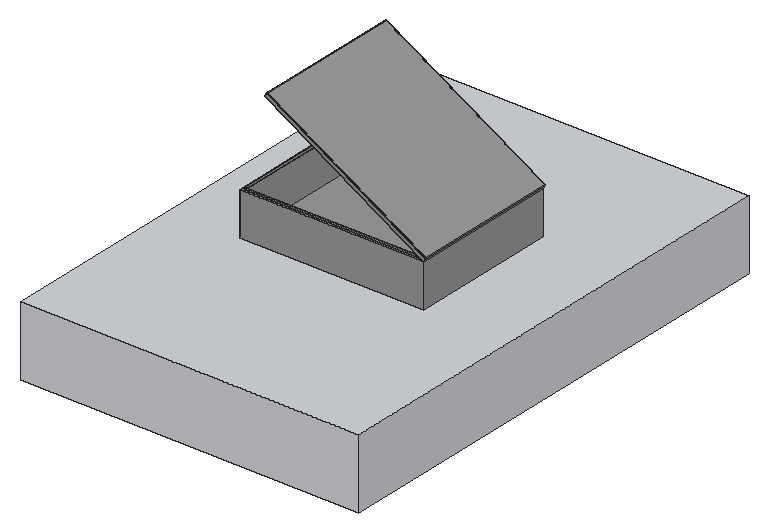
Revit family "Hager-Univers-IP44-D205-H650-Cl.II-Encl-CH-fr", category Equipement électrique, Revit 2020
Family settings
  Hôte = Face
  Configuration du panneau = Deux colonnes, circuits au sein
  Cote de connecteur circulaire = Utiliser le diamètre
  Type d'élément = Tableau de raccordement
  Couper avec des vides une fois chargée = Non
  Partagée = Non
  Point de calcul de pièce = Non
Parameters (values of type "saillie IP44 L800 H650 P205  - FP43QS")
  Width Control [instance] = if([EF000008 - largeur] > Min Width, [EF000008 - largeur], Min Width)  # 800 mm
  Commentaires du type = [HG000003 - Gamme]  # "Univers"
  Thickness Door [instance] = if([EF009171 - épaisseur de matériau de la porte/du couvercle] > 3 mm, 3 mm, [EF009171 - épaisseur de matériau de la porte/du couvercle])  # 1 mm
  Seal Frame Offset [instance] = 17 mm  # constant formula
  Plinth Visibility [instance] = [HG000027 - Hauteur du socle] > 0 mm  # no
  Model = ""
  Min Width [instance] = 100 mm  # constant formula
  Min Height [instance] = 100 mm  # constant formula
  Min Depth [instance] = (2 * [EF009170 - épaisseur de matériau du boîtier]) + 1 mm  # 3 mm
  Internal Frame Depth [instance] = (Door System Depth * 0.5)  # 9 mm
  Height Control [instance] = if([EF000040 - hauteur] > Min Height, [EF000040 - hauteur], Min Height)  # 650 mm
  HG000027 - Hauteur du socle = 0 mm
  HG000026 - Installation au sol = no
  HG000024 - Hauteur de la section basse = 800 mm
  HG000023 - Armoire double section = no
  HG000016 - Visibilité de la porte 3D [instance] = yes
  HG000015 - Visibilité de l'emprise de la porte [instance] = no
  HG000014 - Porte à droite [instance] = yes
  HG000013 - Porte à gauche [instance] = not([HG000014 - Porte à droite])  # no
  HG000012 - Angle de pivotement de la porte [instance] = 30.00°
  HG000010 - Portes asymétriques = no
  HG000009 - Porte à double battant = no
  HG000006 - Encastré = no
  HG000004 - Référence fabricant = "FP43QS"
  HG000003 - Gamme = "Univers"
  HG000002 - avec porte = yes
  Frame Offset Bottom [instance] = 10 mm  # constant formula
  Frame Offset [instance] = 15 mm  # constant formula
  EF015940 - couvercle avec décharge de pression = no
  EF011959 - degré de protection (NEMA) = ""
  EF009554 - nombre d'ouvertures pour plaques à bride = 6
  Fabricant = "Hager"  # constant formula
  EF009212 - finition du couvercle = "EV000116 - fermé"
  EF009171 - épaisseur de matériau de la porte/du couvercle = 1 mm
  EF009170 - épaisseur de matériau du boîtier = 1 mm
  EF008873 - courant nominal (In) = 250 A
  EF007800 - adapté à un parafoudre = no
  EF006306 - avec serrure = no
  EF006244 - couvercle/porte transparent(e) = no
  EF005474 - indice de protection (IP) = "EV006418 - IP44"
  EF004464 - type de porte = "EV002646 - unique"
  EF004427 - nombre de modules = 144
  EF004293 - indice de protection contre les chocs (IK) = "EV006815 - IK09"
  EF003532 - convient pour utilisation à l’extérieur = no
  EF002950 - largeur en nombre de modules = 36
  EF001613 - maintien de fonction = "EV000494 - sans"
  EF001596 - matériau du boîtier/corps = "EV000179 - acier"
  EF001131 - profondeur intérieure = 143 mm
  EF001088 - possibilité de montage en saillie = yes
  EF000437 - nombre d'entrées de conduit = 6
  EF000339 - type de capot = "EV001012 - couvercle"
  EF000266 - nombre de rangées = 4
  EF000218 - profondeur d'encastrement = 0 mm
  EF000118 - avec cadre/support de montage = no
  EF000116 - numéro RAL = "9010"
  EF000049 - profondeur = 205 mm
  EF000040 - hauteur = 650 mm
  EF000008 - largeur = 800 mm
  EF000007 - couleur = "EV000202 - blanc"
  EF000003 - mode de pose = "EV000384 - saillie"
  Door System Leaf Tolerance [instance] = 1.5 mm  # constant formula
  Door System Depth [instance] = 18 mm  # constant formula
  Door Height [instance] = Height Control - [HG000027 - Hauteur du socle]  # 650 mm
  Depth Control [instance] = if([EF000049 - profondeur] > Min Depth, [EF000049 - profondeur], Min Depth)  # 205 mm
  Default Elevation = 0 mm
  Connector Offset [instance] = Height Control / 2  # 325 mm
  Bottom Top Plate Trim [instance] = 1.5 mm  # constant formula
  Plinth height Ctrl [instance] = if([HG000027 - Hauteur du socle] > 0 mm, [HG000027 - Hauteur du socle], 12 mm)  # 12 mm
Types (5, lengths in mm): name | Width Control | HG000009 - Porte à double battant | HG000004 - Référence fabricant | EF009554 - nombre d'ouvertures pour plaques à bride | EF004464 - type de porte | EF004427 - nombre de modules | EF002950 - largeur en nombre de modules | EF000437 - nombre d'entrées de conduit | EF000008 - largeur
  saillie IP44 L1050 H650 P205  - FP44QS | 1050 | yes | "FP44QS" | 8 | "EV003602 - double" | 192 | 48 | 8 | 1050
  saillie IP44 L1300 H650 P205  - FP45QS | 1300 | yes | "FP45QS" | 10 | "EV003602 - double" | 240 | 60 | 10 | 1300
  saillie IP44 L300 H650 P205  - FP41QS | 300 | no | "FP41QS" | 2 | "EV002646 - unique" | 48 | 12 | 2 | 300
  saillie IP44 L550 H650 P205  - FP42QS | 550 | no | "FP42QS" | 4 | "EV002646 - unique" | 96 | 24 | 4 | 550
  saillie IP44 L800 H650 P205  - FP43QS | 800 | no | "FP43QS" | 6 | "EV002646 - unique" | 144 | 36 | 6 | 800
Reference planes
  plane 1 "Center (Front/Back)": y = 0
  plane 2: z = 0
  plane 3 "Center (Left/Right)": x = 0
  plane 4: z = 205
  plane 5: y = 1
  plane 6: y = 325
  plane 7: y = 0
  plane 8: y = 650
  plane 9: z = 0
  plane 10: x = -385
  plane 11: x = 385
  plane 12: x = 384
  plane 13: x = -384
  plane 14: y = 649
  plane 15: x = -383
  plane 16: x = -400
  plane 17: x = 383
  plane 18: x = 400
  plane 19: x = 399
  plane 20: x = -399
  plane 21: y = 11
  plane 22: y = 650
  plane 23: y = 634
  plane 24: z = 187
  plane 25: z = 1
  plane 26: z = 186
  plane 27: z = 204
Forms (mm)
  Extrusion 1, solid
    sketch origin (0, 0, 0) x (1, 0, 0) y (0, 1, 0)
      loop
        line (-702.964, 1305) -> (-702.964, -811.445) -> (766.763, -811.445) -> (766.763, 1305) -> (-702.964, 1305)
    from 0 to -304.8
  Extrusion 2, solid, material "Hager_Steel_RAL7035_Light_Grey", visible <- "Plinth Visibility", detail levels medium+fine
    sketch origin (0, 0, 0) x (1, 0, 0) y (0, 1, 0)
      loop
        line (-400, 0) -> (400, 0) -> (400, 12) -> (-400, 12) -> (-400, 0)
    from 0 to 187
  Extrusion 3, solid, material "Hager_Steel_RAL7035_Light_Grey", detail levels medium+fine
    sketch origin (0, 0, 0) x (1, 0, 0) y (0, 1, 0)
      loop
        line (-400, 0) -> (400, 0) -> (400, 650) -> (-400, 650) -> (-400, 0)
    from 0 to 187
  Extrusion 4, void
    sketch origin (0, 0, 0) x (1, 0, 0) y (0, 1, 0)
      loop
        line (-399, 1) -> (399, 1) -> (399, 649) -> (-399, 649) -> (-399, 1)
    from 1 to 186
  Extrusion 5, void
    sketch origin (-381.607, -4572, 187) x (0, -1, 0) y (-1, 0, 0)
      loop
        line (-4583, 2.393) -> (-5206, 2.393) -> (-5206, -765.607) -> (-4583, -765.607) -> (-4583, 2.393)
    from 0 to 1 <- "EF009170 - épaisseur de matériau du boîtier"
  Extrusion 6, solid, material "Hager_Steel_RAL7035_Light_Grey", detail levels fine
    sketch origin (0, 0, 187) x (1, 0, 0) y (0, 1, 0)
      loop
        line (-384, 634) -> (-384, 11) -> (384, 11) -> (384, 634) -> (-384, 634)
      loop
        line (-385, 10) -> (385, 10) -> (385, 635) -> (-385, 635) -> (-385, 10)
    from 0 to 9 <- "Internal Frame Depth"
  Extrusion 7, solid, material "Hager_Steel_RAL7035_Light_Grey", detail levels coarse
    sketch origin (0, 0, 0) x (1, 0, 0) y (0, 1, 0)
      loop
        line (-400, 0) -> (400, 0) -> (400, 650) -> (-400, 650) -> (-400, 0)
    from 0 to 205
  Sweep 8, void
    path in 3D
      loop
        line (-400, 12, 0) -> (400, 12, 0) -> (400, 12, 187) -> (-400, 12, 187) -> (-400, 12, 0)
    profile origin (-400, 12, 93.5) x (-1, 0, 0) y (0, -1, 0)
      loop
        line (0, 0) -> (0, 1.5) -> (-1.5, 1.5)
        arc (-1.5, 1.5) -> (-1.061, 0.439) -> (0, 0) r 1.5
Cuts and joins
  Extrusion 4, Extrusion 5 cuts Extrusion 3
  Sweep 8 cuts Extrusion 2
Lines and regions (mm)
  Masking region 1
    outline origin (0, 0, 0) x (1, 0, 0) y (0, 0, 1)
      loop
        line (-400, 205) -> (-400, 0) -> (400, 0) -> (400, 205) -> (-400, 205)
  Masking region 2, detail levels medium+fine
    outline origin (0, 140, 0) x (0, 1, 0) y (0, 0, 1)
      loop
        line (-140, 0) -> (510, 0) -> (510, 187) -> (-140, 187) -> (-140, 0)
  Masking region 3, not visible, detail levels medium+fine
    outline origin (0, 297.922, 0) x (0, 1, 0) y (0, 0, 1)
      loop
        line (38.578, 0) -> (78.578, 0) -> (78.578, 194)
        arc (78.578, 194) -> (75.649, 201.071) -> (68.578, 204) r 10
        line (68.578, 204) -> (38.578, 204) -> (38.578, 0)
  Masking region 4, detail levels coarse
    outline origin (0, 0, 180) x (0, 1, 0) y (0, 0, 1)
      loop
        line (0, -180) -> (650, -180) -> (650, 25) -> (0, 25) -> (0, -180)
  Masking region 5, visible <- "Plinth Visibility", detail levels medium+fine
    outline origin (0, 52.24, 12.345) x (0, 0, -1) y (0, 1, 0)
      loop
        line (10.845, -40.24) -> (-173.155, -40.24)
        arc (-173.155, -40.24) -> (-173.594, -41.301) -> (-174.655, -41.74) r 1.5
        line (-174.655, -41.74) -> (-174.655, -52.24) -> (12.345, -52.24) -> (12.345, -41.74)
        arc (12.345, -41.74) -> (11.285, -41.301) -> (10.845, -40.24) r 1.5
  Masking region 6, detail levels medium+fine
    outline origin (-381.607, -4572, 187) x (-1, 0, 0) y (0, -1, 0)
      loop
        line (18.393, -5222) -> (18.393, -4572) -> (-781.607, -4572) -> (-781.607, -5222) -> (18.393, -5222)
  Masking region 7, visible <- "Plinth Visibility", detail levels medium+fine
    outline origin (-381.607, -4727, 187) x (-1, 0, 0) y (0, -1, 0)
      loop
        arc (16.893, -4739) -> (17.332, -4737.939) -> (18.393, -4737.5) r 1.5
        line (18.393, -4737.5) -> (18.393, -4727) -> (-781.607, -4727) -> (-781.607, -4737.5)
        arc (-781.607, -4737.5) -> (-780.546, -4737.939) -> (-780.107, -4739) r 1.5
        line (-780.107, -4739) -> (16.893, -4739)
  Masking region 8, detail levels coarse
    outline origin (-442.548, -4669.526, 187) x (-1, 0, 0) y (0, -1, 0)
      loop
        line (-42.548, -5319.526) -> (-42.548, -4669.526) -> (-842.548, -4669.526) -> (-842.548, -5319.526) -> (-42.548, -5319.526)
  sketch lines
    curve 1: line (-400, 12, 187) -> (-400, 12, 0)
    curve 2: line (400, 12, 187) -> (-400, 12, 187)
    curve 3: line (400, 12, 187) -> (400, 12, 0)
    curve 4: line (-400, 12, 0) -> (400, 12, 0)
Dimensions and locks
  "Depth Control": plane 4 to Extrusion 1
  "HG000027 - Hauteur du socle": plane 1 "Center (Front/Back)" to plane 7
  "EF009170 - épaisseur de matériau du boîtier": plane 5 to plane 7
  locked: connector elem to plane 3 "Center (Left/Right)"
  equal spacing: plane 8, plane 6, plane 7
  locked: connector elem to plane 6
  "EF009170 - épaisseur de matériau du boîtier": plane 8 to plane 14
  "EF009170 - épaisseur de matériau du boîtier": plane 10 to plane 13
  "EF009170 - épaisseur de matériau du boîtier": plane 12 to plane 11
  "Frame Offset": plane 20 to plane 13
  "Frame Offset": plane 12 to plane 19
  "EF009170 - épaisseur de matériau du boîtier": plane 16 to plane 20
  "EF009170 - épaisseur de matériau du boîtier": plane 19 to plane 18
  "Seal Frame Offset": plane 16 to plane 15
  "Seal Frame Offset": plane 17 to plane 18
  "Frame Offset Bottom": plane 21 to plane 5
  "Frame Offset": plane 14 to plane 23
  equal spacing: plane 16, plane 3 "Center (Left/Right)", plane 18
  "Width Control": plane 16 to plane 18
  "EF009170 - épaisseur de matériau du boîtier": plane 4 to plane 27
  "EF009170 - épaisseur de matériau du boîtier": plane 24 to plane 26
  "EF009170 - épaisseur de matériau du boîtier": plane 25 to level
  "Door System Depth": plane 4 to plane 24
  "Height Control": plane 1 "Center (Front/Back)" to Extrusion 7 sketch curve
  "Height Control": Masking region 4 sketch curve to plane 1 "Center (Front/Back)"
  "Height Control": plane 1 "Center (Front/Back)" to plane 22
  "Bottom Top Plate Trim": profile plane to Sweep 8 sketch curve
  "Bottom Top Plate Trim": Sweep 8 sketch curve to profile plane
  "Plinth height Ctrl": plane 1 "Center (Front/Back)" to Extrusion 2 sketch curve
  "Plinth height Ctrl": Masking region 5 sketch curve to plane 1 "Center (Front/Back)"
  "Plinth height Ctrl": plane 1 "Center (Front/Back)" to Masking region 7 sketch curve
  "Thickness Door": Extrusion 6 sketch curve to Extrusion 6 sketch curve  (x3)
  "Thickness Door": cut or joined group of Extrusion 3, Extrusion 4, Extrusion 5 to Extrusion 6 sketch curve
  radius of Masking region 3 sketch curve = 10 mm
  "Bottom Top Plate Trim": radius of Masking region 5 sketch curve  (x2)
  "Bottom Top Plate Trim": radius of Sweep 8 sketch curve
  "Bottom Top Plate Trim": radius of Masking region 7 sketch curve  (x2)
  aligned and locked: plane 2 to Extrusion 1
  aligned and locked: level to Extrusion 1
  aligned and locked: level to Masking region 1 sketch curve
  aligned and locked: Masking region 1 sketch curve to plane 18
  aligned and locked: Masking region 1 sketch curve to plane 16
  aligned and locked: plane 7 to Masking region 2 sketch curve
  aligned and locked: level to Masking region 3 sketch curve
  aligned and locked: Masking region 3 sketch curve to plane 27
  aligned and locked: level to Masking region 2 sketch curve
  aligned and locked: plane 1 "Center (Front/Back)" to Extrusion 2 sketch curve
  aligned and locked: Extrusion 3 sketch curve to plane 7
  aligned and locked: plane 16 to Extrusion 3 sketch curve
  aligned and locked: plane 18 to Extrusion 3 sketch curve
  aligned and locked: plane 20 to Extrusion 4 sketch curve
  aligned and locked: plane 19 to Extrusion 4 sketch curve
  aligned and locked: Extrusion 4 sketch curve to plane 5
  aligned and locked: Extrusion 4 to plane 25
  aligned and locked: plane 26 to Extrusion 4
  aligned and locked: plane 24 to Extrusion 3
  aligned and locked: Extrusion 5 sketch curve to plane 21
  aligned and locked: Extrusion 5 sketch curve to plane 13
  aligned and locked: Extrusion 5 sketch curve to plane 12
  aligned and locked: plane 18 to Extrusion 7 sketch curve
  aligned and locked: plane 1 "Center (Front/Back)" to Extrusion 7 sketch curve
  aligned and locked: plane 16 to Extrusion 7 sketch curve
  aligned and locked: plane 4 to Extrusion 7
  aligned and locked: Extrusion 7 to level
  aligned and locked: level to Masking region 4 sketch curve
  aligned and locked: Masking region 4 sketch curve to plane 1 "Center (Front/Back)"
  aligned and locked: Masking region 4 sketch curve to plane 4
  aligned and locked: nested 1 to level
  aligned and locked: nested 1 to plane 16
  aligned and locked: plane 8 to Extrusion 3 sketch curve
  aligned and locked: plane 23 to Extrusion 5 sketch curve
  aligned and locked: plane 14 to Extrusion 4 sketch curve
  aligned and locked: Masking region 2 sketch curve to plane 8
  aligned and locked: level to Masking region 5 sketch curve
  aligned and locked: plane 16 to Extrusion 2 sketch curve
  aligned and locked: plane 18 to Extrusion 2 sketch curve
  aligned and locked: Masking region 5 sketch curve to plane 24
  aligned and locked: Masking region 2 sketch curve to plane 24
  aligned and locked: plane 24 to Extrusion 2
  aligned and locked: profile plane to Sweep 8 sketch curve  (x2)
  aligned and locked: Masking region 6 sketch curve to plane 18
  aligned and locked: Masking region 6 sketch curve to plane 22
  aligned and locked: Masking region 6 sketch curve to plane 16
  aligned and locked: plane 8 to plane 22
  aligned and locked: Masking region 6 sketch curve to plane 7
  aligned and locked: Masking region 7 sketch curve to plane 16
  aligned and locked: Masking region 7 sketch curve to plane 1 "Center (Front/Back)"
  aligned and locked: Masking region 7 sketch curve to plane 18
  aligned and locked: Masking region 8 sketch curve to plane 1 "Center (Front/Back)"
  aligned and locked: Masking region 8 sketch curve to plane 18
  aligned and locked: Masking region 8 sketch curve to plane 22
  aligned and locked: Masking region 8 sketch curve to plane 16
  aligned and locked: nested 2 to plane 7
  aligned and locked: plane 3 "Center (Left/Right)" to nested 2
  aligned and locked: nested 2 to plane 24
  aligned and locked: Extrusion 6 sketch curve to cut or joined group of Extrusion 3, Extrusion 4, Extrusion 5  (x4)
Automatic sketch dimensions
  Extrusion 1 sketch curve to Extrusion 1 sketch curve = 1469.727 mm
  Extrusion 1 sketch curve to Extrusion 1 sketch curve = 2116.445 mm
  Masking region 1 sketch curve to plane 4 = 0 mm
  plane 6 to Masking region 3 sketch curve = 11.5 mm
  Masking region 3 sketch curve to Masking region 3 sketch curve = 30 mm
  Masking region 5 sketch curve to plane 1 "Center (Front/Back)" = 0 mm
Nested families
  nested 1: "Hager_Enclosure_Symbol" at (-400, 0, 0) x (1, 0, 0) z (0, -1, 0), Height <- "Depth Control", Width <- "Width Control", type "Hager_Enclosure_Symbol"
    with Width_Ctrl 800 mm, Width 800 mm, Height_Ctrl 205 mm, Height 205 mm, A_Width_Int 13.453 mm, A_Width 161.438 mm, A_Height_Ctrl 179.375 mm, A_Height 179.375 mm
  nested 2: "EC000058_Univers_Door" at (0, 0, 187) x (1, 0, 0) z (0, 1, 0), Leaf_Tolerance <- "Door System Leaf Tolerance", Angle <- "HG000012 - Angle de pivotement de la porte", Door_Depth <- "Door System Depth", Door_Left <- "HG000013 - Porte à gauche", Transparent <- "EF006244 - couvercle/porte transparent(e)", Assymetrical <- "HG000010 - Portes asymétriques", Width <- "Width Control", Clearance <- "HG000015 - Visibilité de l'emprise de la porte", Double <- "HG000009 - Porte à double battant", 3d_Door <- "HG000016 - Visibilité de la porte 3D", Lock_Visibility <- "EF006306 - avec serrure", Width_Ctrl <- "Width Control", Door_Right <- "HG000014 - Porte à droite", Door <- "HG000002 - avec porte", Height <- "Door Height", Thickness <- "Thickness Door", type "EC000058_Univers_Door", detail levels medium+fine
    with min_wh 3 mm, Width_Ctrl 800 mm, Width 800 mm, Transparent no, Thickness 1 mm, Seal_Material Hager_Rubber, Lock_Visibility no, Lock_Material Hager_Plastic_RAL9005_Jet_Black, Leaf_Width 800 mm, Leaf_Tolerance_External_Sides 0 mm, Leaf_Tolerance 1.5 mm, Leaf_Offset 0 mm, Leaf_Height 647 mm, Leaf_2_Width 800 mm, Leaf_2_Offset 400 mm, Leaf_1_Width 800 mm, Leaf_1_Offset 400 mm, Height_Ctrl 650 mm, Height 650 mm, Glass_Material Hager_Glass, Double_Clearance_Ctrl no, Double no, Door_Right_Ctrl yes, Door_Right yes, Door_Material Hager_Steel_RAL7035_Light_Grey, Door_Left_Ctrl no, Door_Left no, Door_Depth 18 mm, Door yes, Clearance_Material Hager_Clearance, Clearance_Depth 800 mm, Clearance_Ctrl no, Clearance no, Assymetrical no, Angle 30.00°, 3d_Door yes
Connectors
  electrical at (0, 325, 0)
    settings: on plane 9, index 1, voltage 0 V, apparent load 0 VA, apparent load phase1 0 VA, apparent load phase2 0 VA, apparent load phase3 0 VA, power factor 1, load classification "Other", number of poles 1, system type 30, power factor state 1, is connector primary yes, connector utility no, sub classification motor no, connector description ""
Definition of nested family "EC000058_Univers_Door"
  Parameters (values of type "EC000058_Univers_Door")
    min_wh [instance] = (2 * Thickness) + 1 mm  # 11 mm
    Width_Ctrl [instance] = 400 mm
    Width [instance] = 500 mm
    Transparent [instance] = yes
    Thickness [instance] = 5 mm
    Seal_Material [instance] = none
    Lock_Visibility [instance] = yes
    Lock_Material [instance] = none
    Leaf_Width [instance] = if((Width_Ctrl - 2 * Leaf_Tolerance_External_Sides) > 0 mm, (Width_Ctrl - 2 * Leaf_Tolerance_External_Sides), min_wh)  # 400 mm
    Leaf_Tolerance_External_Sides [instance] = 0 mm  # constant formula
    Leaf_Tolerance [instance] = 1.5 mm
    Leaf_Offset [instance] = 0 mm  # constant formula
    Leaf_Height [instance] = if((Height_Ctrl - 2 * Leaf_Tolerance) > 0 mm, (Height_Ctrl - 2 * Leaf_Tolerance), min_wh)  # 497 mm
    Leaf_2_Width [instance] = if(and(and(Double, Assymetrical), Door_Left), (Leaf_Width / 3) - (Leaf_Tolerance / 2), if(and(and(Double, Assymetrical), Door_Right), (Leaf_Width / 3) * 2 - (Leaf_Tolerance / 2), if(and(Double, not(Assymetrical)), (Leaf_Width / 2) - Leaf_Tolerance, Leaf_Width)))  # 400 mm
    Leaf_2_Offset [instance] = if(and(Double, Assymetrical), Leaf_2_Width / 2, if(and(Double, not(Assymetrical)), Leaf_Width / 4, Leaf_Width / 2))  # 200 mm
    Leaf_1_Width [instance] = if(and(and(Double, Assymetrical), Door_Right), (Leaf_Width / 3) - (Leaf_Tolerance / 2), if(and(and(Double, Assymetrical), Door_Left), (Width / 3) * 2 - (Leaf_Tolerance / 2), if(and(Double, not(Assymetrical)), (Leaf_Width / 2) - Leaf_Tolerance, Leaf_Width)))  # 400 mm
    Leaf_1_Offset [instance] = if(and(Double, Assymetrical), Leaf_1_Width / 2, if(and(Double, not(Assymetrical)), Leaf_Width / 4, Leaf_Width / 2))  # 200 mm
    Height_Ctrl [instance] = if(Height > min_wh, Height, min_wh)  # 500 mm
    Height [instance] = 500 mm
    Glass_Material [instance] = none
    Double_Clearance_Ctrl [instance] = and(Double, Clearance)  # no
    Double [instance] = no
    Door_Right_Ctrl [instance] = and(or(Door_Right, Double), Door)  # yes
    Door_Right [instance] = yes
    Door_Material [instance] = none
    Door_Left_Ctrl [instance] = and(or(Door_Left, Double), Door)  # no
    Door_Left [instance] = no
    Door_Depth [instance] = 30 mm
    Door [instance] = yes
    Default Elevation = 1219.2 mm
    Clearance_Material [instance] = none
    Clearance_Depth [instance] = if(Leaf_1_Width > Leaf_2_Width, Leaf_1_Width, Leaf_2_Width)  # 400 mm
    Clearance_Ctrl [instance] = and(not(Double), Clearance)  # yes
    Clearance [instance] = yes
    Assymetrical [instance] = yes
    Angle [instance] = 30.00°
    3d_Door [instance] = yes
  Reference planes
    plane 1 "Center (Front/Back)": y = 0
    plane 2 "Bottom": z = 0
    plane 3 "Center (Left/Right)": x = 0
    plane 4: z = 500
    plane 5: x = -200
    plane 6: x = 200
    plane 7: z = 500
    plane 8: x = -200
    plane 9: z = 0
    plane 10: x = 200
    plane 11: y = 0
    plane 12: z = 1.5
    plane 13: x = -600
    plane 14: y = -400
    plane 15: x = 600
    plane 16: x = 0
    plane 17: x = 0
    plane 18: x = -200
    plane 19: x = 200
    plane 20: z = 498.5
  Forms (mm)
    Extrusion 1, solid, material <- "Clearance_Material", visible <- "Double_Clearance_Ctrl"
      sketch origin (1200, 0, 0) x (1, 0, 0) y (0, 0, -1)
        loop
          line (-1800, -498.5) -> (-600, -498.5) -> (-600, 0) -> (-1800, 0) -> (-1800, -498.5)
      from 0 to -400
  Dimensions and locks
    equal spacing: plane 5, plane 3 "Center (Left/Right)", plane 6
    "Width_Ctrl": plane 5 to plane 6
    "Leaf_Offset": plane 5 to plane 8
    "Leaf_Offset": plane 6 to plane 10
    "Leaf_Offset": plane 9 to level
    "Leaf_Offset": plane 4 to plane 7
    "Height_Ctrl": plane 4 to level
    "Leaf_Tolerance": plane 12 to plane 9
    locked: plane 11 to plane 1 "Center (Front/Back)"
    "Leaf_1_Offset": plane 18 to plane 16
    "Leaf_2_Offset": plane 17 to plane 19
    "Leaf_1_Width": plane 13 to plane 8
    "Leaf_2_Width": plane 10 to plane 15
    "Clearance_Depth": plane 14 to plane 1 "Center (Front/Back)"
    "Leaf_Tolerance_External_Sides": plane 8 to plane 18
    "Leaf_Tolerance_External_Sides": plane 19 to plane 10
    "Leaf_Tolerance": plane 7 to plane 20
    aligned and locked: level to plane 2 "Bottom"
    aligned and locked: nested 1 to plane 16
    aligned and locked: nested 2 to plane 17
    aligned and locked: Extrusion 1 to plane 13
    aligned and locked: plane 15 to Extrusion 1
    aligned and locked: Extrusion 1 to plane 14
    aligned and locked: plane 12 to nested 1
    aligned and locked: nested 2 to plane 12
    aligned and locked: Extrusion 1 to plane 11
    aligned and locked: plane 20 to Extrusion 1
    aligned and locked: nested 2 to plane 11
    aligned and locked: nested 1 to plane 11
  Automatic sketch dimensions
    Extrusion 1 sketch curve to level = 0 mm
    plane 5 to Extrusion 1 sketch curve = 400 mm
    plane 6 to Extrusion 1 sketch curve = 400 mm
    Extrusion 1 sketch curve to plane 4 = 1.5 mm
  Nested families
    nested 1: "EC000058_Univers_Door_Leaf" at (0, 0, 1.5), Width <- "Leaf_1_Width", visible <- "Door_Left_Ctrl", Leaf_Height <- "Leaf_Height", Angle <- "Angle", 3d_Door <- "3d_Door", Transparent <- "Transparent", Clearance Material <- "Clearance_Material", Clearance <- "Clearance_Ctrl", Door_Material <- "Door_Material", Glass_Material <- "Glass_Material", Door_Depth <- "Door_Depth", Lock_Material <- "Lock_Material", Seal_Material <- "Seal_Material", Lock_Visibility <- "Lock_Visibility", Thickness <- "Thickness", type "EC000058_Univers_Door_Leaf"
      with Width 400 mm, Transparent_Glass_Offset 30 mm, Transparent_Ctrl yes, Transparent yes, Thickness 5 mm, Standard no, Seal_Material none, Seal_D2 8 mm, Seal_D1 1 mm, Offset_Internal_Frame 10 mm, Lock_Width 20 mm, Lock_Visibility_3d yes, Lock_Visibility yes, Lock_Thickness_3 3 mm, Lock_Thickness_2 1 mm, Lock_Thickness_1 3 mm, Lock_Radius_Offset_2 16 mm, Lock_Radius_Offset_1 15 mm, Lock_Radius_2 5 mm, Lock_Radius 6 mm, Lock_Offset 5 mm, Lock_Material none, Lock_Height 80 mm, Lock_Cover_Top_Offset_2d 17 mm, Lock_Cover_Height -65 mm, Leaf_Height 497 mm, Internal_Seal_Thickness 8 mm, Internal_Seal_Depth_2 4.5 mm, Internal_Frame_Depth 25 mm, Glass_Thickness -1 mm, Glass_Offset -2 mm, Glass_Material none, Door_Material none, Door_Depth 30 mm, Clearance Material none, Clearance yes, Angle_Ctrl 30.00°, Angle 30.00°, 3d_Door yes
    nested 2: "EC000058_Univers_Door_Leaf" at (0, 0, 1.5) x (-1, 0, 0) z (0, 0, 1), Width <- "Leaf_2_Width", visible <- "Door_Right_Ctrl", Leaf_Height <- "Leaf_Height", Angle <- "Angle", 3d_Door <- "3d_Door", Transparent <- "Transparent", Clearance Material <- "Clearance_Material", Clearance <- "Clearance_Ctrl", Door_Material <- "Door_Material", Glass_Material <- "Glass_Material", Door_Depth <- "Door_Depth", Lock_Material <- "Lock_Material", Seal_Material <- "Seal_Material", Lock_Visibility <- "Lock_Visibility", Thickness <- "Thickness", type "EC000058_Univers_Door_Leaf"
      with Width 400 mm, Transparent_Glass_Offset 30 mm, Transparent_Ctrl yes, Transparent yes, Thickness 5 mm, Standard no, Seal_Material none, Seal_D2 8 mm, Seal_D1 1 mm, Offset_Internal_Frame 10 mm, Lock_Width 20 mm, Lock_Visibility_3d yes, Lock_Visibility yes, Lock_Thickness_3 3 mm, Lock_Thickness_2 1 mm, Lock_Thickness_1 3 mm, Lock_Radius_Offset_2 16 mm, Lock_Radius_Offset_1 15 mm, Lock_Radius_2 5 mm, Lock_Radius 6 mm, Lock_Offset 5 mm, Lock_Material none, Lock_Height 80 mm, Lock_Cover_Top_Offset_2d 17 mm, Lock_Cover_Height -65 mm, Leaf_Height 497 mm, Internal_Seal_Thickness 8 mm, Internal_Seal_Depth_2 4.5 mm, Internal_Frame_Depth 25 mm, Glass_Thickness -1 mm, Glass_Offset -2 mm, Glass_Material none, Door_Material none, Door_Depth 30 mm, Clearance Material none, Clearance yes, Angle_Ctrl 30.00°, Angle 30.00°, 3d_Door yes
  Definition of nested family "EC000058_Univers_Door_Leaf"
    Parameters (values of type "EC000058_Univers_Door_Leaf")
      Width [instance] = 2000 mm
      Transparent_Glass_Offset [instance] = 30 mm
      Transparent_Ctrl [instance] = and(Transparent, [3d_Door])  # yes
      Transparent [instance] = yes
      Thickness [instance] = 5 mm
      Standard [instance] = and(not(Transparent), [3d_Door])  # no
      Seal_Material [instance] = none
      Seal_D2 [instance] = 8 mm  # constant formula
      Seal_D1 [instance] = 1 mm  # constant formula
      Offset_Internal_Frame [instance] = 10 mm  # constant formula
      Lock_Width [instance] = 20 mm  # constant formula
      Lock_Visibility_3d [instance] = and(Lock_Visibility, [3d_Door])  # yes
      Lock_Visibility [instance] = yes
      Lock_Thickness_3 [instance] = 3 mm  # constant formula
      Lock_Thickness_2 [instance] = 1 mm  # constant formula
      Lock_Thickness_1 [instance] = 3 mm  # constant formula
      Lock_Radius_Offset_2 [instance] = Lock_Radius_Offset_1 + 1 mm  # 16 mm
      Lock_Radius_Offset_1 [instance] = 15 mm  # constant formula
      Lock_Radius_2 [instance] = Lock_Radius - 1 mm  # 5 mm
      Lock_Radius [instance] = 6 mm  # constant formula
      Lock_Offset [instance] = 5 mm  # constant formula
      Lock_Material [instance] = none
      Lock_Height [instance] = 80 mm  # constant formula
      Lock_Cover_Top_Offset_2d [instance] = Lock_Radius_Offset_2 + 1 mm  # 17 mm
      Lock_Cover_Height [instance] = -(Lock_Height - Lock_Radius_Offset_1)  # -65 mm
      Leaf_Height [instance] = 2720.336 mm
      Internal_Seal_Thickness [instance] = 8 mm  # constant formula
      Internal_Seal_Depth_2 [instance] = 4.5 mm  # constant formula
      Internal_Frame_Depth [instance] = if(Door_Depth - Thickness > 5 mm, Door_Depth - Thickness, 5 mm)  # 25 mm
      Glass_Thickness [instance] = if(Thickness > 15 mm, Glass_Offset + 10 mm, -1 mm)  # -1 mm
      Glass_Offset [instance] = if(Thickness > 15 mm, -(Thickness + 10 mm) / 2, -2 mm)  # -2 mm
      Glass_Material [instance] = none
      Door_Material [instance] = none
      Door_Depth [instance] = 30 mm
      Default Elevation = 0 mm
      Clearance Material [instance] = none
      Clearance [instance] = yes
      Angle_Ctrl [instance] = if(Angle > 180.00°, 180.00°, Angle)  # 90.00°
      Angle [instance] = 90.00°
      3d_Door [instance] = yes
    Reference planes
      plane 1 "Center (Front/Back)": y = 0
      plane 2: z = 0
      plane 3 "Center (Left/Right)": x = 0
      plane 4: y = 2000
      plane 5: x = -1000
      plane 6: x = 1000
      plane 7: x = -3000
      plane 8: z = 2720.336
      plane 9: z = 30
      plane 10: z = 2690.336
      plane 11: x = 970
      plane 12: x = -970
      plane 13: y = -3
      plane 14: z = 107.833
      plane 15: y = -5
      plane 16: y = -223.314
      plane 17: x = -1000
      plane 18: z = 1360.168
      plane 19: y = 30
    Forms (mm)
      Extrusion 1, solid, material <- "Clearance Material", visible <- "Clearance"
        sketch origin (0, 0, 0) x (1, 0, 0) y (0, 0, 1)
          loop
            line (-3000, 2720.336) -> (-3000, 0) -> (1000, 0) -> (1000, 2720.336) -> (-3000, 2720.336)
        from 0 to -2000
      Extrusion 2, solid, material <- "Door_Material", visible <- "Standard", detail levels medium+fine
        sketch origin (-1000, 0, 0) x (0, 1, 0) y (-1, 0, 0)
          loop
            line (0, 30) -> (0, 25) -> (2000, 25) -> (2000, 30) -> (0, 30)
        from 0 to 2720.336 <- "Leaf_Height"
      Extrusion 3, solid, material <- "Door_Material", visible <- "Transparent_Ctrl", detail levels medium+fine
        sketch origin (-1000, 0, 0) x (0, 1, 0) y (-1, 0, 0)
          loop
            line (0, 25) -> (2000, 25) -> (2000, 30) -> (0, 30) -> (0, 25)
        from 0 to 2720.336 <- "Leaf_Height"
      Extrusion 4, void
        sketch origin (-1025, 2000, 0) x (0, 1, 0) y (0, 0, -1)
          loop
            line (-30, -2690.336) -> (-30, -30) -> (-1970, -30) -> (-1970, -2690.336) -> (-30, -2690.336)
        from 0 to 5 <- "Thickness"
      Sweep 5, solid, material <- "Seal_Material", visible <- "Transparent_Ctrl", detail levels fine
        path in 3D
          loop
            line (-1025, 30, 30) -> (-1025, 30, 2690.336) -> (-1025, 1970, 2690.336) -> (-1025, 1970, 30) -> (-1025, 30, 30)
        profile origin (-1025, 1000, 30) x (1, 0, 0) y (0, 0, 1)
          loop
            line (0, 0) -> (0, -8) -> (1, -8) -> (1, 0) -> (0, 0)
      Extrusion 6, solid, material <- "Glass_Material", visible <- "Transparent_Ctrl", detail levels medium+fine
        sketch origin (-1030, 0, 0) x (0, 1, 0) y (0, 0, -1)
          loop
            line (1970, -2690.336) -> (1970, -30) -> (30, -30) -> (30, -2690.336) -> (1970, -2690.336)
        from -2 <- "Glass_Offset" to -1 <- "Glass_Thickness"
      Extrusion 7, solid, material <- "Door_Material", visible <- "3d_Door", detail levels medium+fine
        sketch origin (-1025, 2000, 0) x (0, -1, 0) y (0, 0, -1)
          loop
            line (0, -2720.336) -> (2000, -2720.336) -> (2000, 0) -> (0, 0) -> (0, -2720.336)
          loop
            line (1995, -5) -> (5, -5) -> (5, -2715.336) -> (1995, -2715.336) -> (1995, -5)
        from 0 to 25 <- "Internal_Frame_Depth"
      Sweep 8, solid, material <- "Seal_Material", visible <- "Transparent_Ctrl", detail levels fine
        path in 3D
          loop
            line (-1025, 0, 0) -> (-1025, 2000, 0) -> (-1025, 2000, 2720.336) -> (-1025, 0, 2720.336) -> (-1025, 0, 0)
        profile origin (-1025, 0, 1360.168) x (1, 0, 0) y (0, 1, 0)
          loop
            line (0, 10) -> (2.975, 10)
            arc (2.975, 10) -> (4.053, 10.447) -> (4.5, 11.525) r 1.525
            line (4.5, 11.525) -> (4.5, 16.527)
            arc (4.5, 16.527) -> (4.069, 17.569) -> (3.027, 18) r 1.473
            line (3.027, 18) -> (0, 18) -> (0, 10)
      Extrusion 9, solid, material <- "Lock_Material", visible <- "Lock_Visibility_3d", detail levels fine
        sketch origin (-1030, 0, 0) x (0, 1, 0) y (0, 0, -1)
          loop
            arc (1993.5, -1400.168) -> (1994.561, -1399.729) -> (1995, -1398.668) r 1.5
            line (1995, -1398.668) -> (1995, -1320.168) -> (1975, -1320.168) -> (1975, -1398.668)
            arc (1975, -1398.668) -> (1975.439, -1399.729) -> (1976.5, -1400.168) r 1.5
            line (1976.5, -1400.168) -> (1993.5, -1400.168)
        from 3 <- "Lock_Thickness_1" to 0
      Blend 10, solid, material <- "Lock_Material", visible <- "Lock_Visibility_3d", detail levels fine
        base sketch origin (-1033, 0, 0) x (0, 1, 0) y (0, 0, -1)
          loop
            line (1975, -1320.168) -> (1975, -1398.668)
            arc (1975, -1398.668) -> (1975.439, -1399.729) -> (1976.5, -1400.168) r 1.5
            line (1976.5, -1400.168) -> (1993.5, -1400.168)
            arc (1993.5, -1400.168) -> (1994.561, -1399.729) -> (1995, -1398.668) r 1.5
            line (1995, -1398.668) -> (1995, -1320.168) -> (1975, -1320.168)
        top sketch origin (-1033, 0, 0) x (0, 1, 0) y (0, 0, -1)
          loop
            line (1976, -1320.168) -> (1976, -1398.668)
            arc (1976, -1398.668) -> (1976.146, -1399.022) -> (1976.5, -1399.168) r 0.5
            line (1976.5, -1399.168) -> (1993.5, -1399.168)
            arc (1993.5, -1399.168) -> (1993.854, -1399.022) -> (1994, -1398.668) r 0.5
            line (1994, -1398.668) -> (1994, -1320.168) -> (1976, -1320.168)
        from 0 to 1 <- "Lock_Thickness_2"
      Blend 11, solid, material <- "Lock_Material", visible <- "Lock_Visibility_3d", detail levels fine
        base sketch origin (-1034, 0, 0) x (0, 1, 0) y (0, 0, -1)
          loop
            line (1978, -1320.168) -> (1978, -1384.168)
            arc (1978, -1384.168) -> (1985, -1391.168) -> (1992, -1384.168) r 7
            line (1992, -1384.168) -> (1992, -1320.168) -> (1978, -1320.168)
        top sketch origin (-1034, 0, 0) x (0, 1, 0) y (0, 0, -1)
          loop
            line (1991, -1320.168) -> (1979, -1320.168) -> (1979, -1383.168)
            arc (1979, -1383.168) -> (1985, -1389.168) -> (1991, -1383.168) r 6
            line (1991, -1383.168) -> (1991, -1320.168)
        from 0 to 3 <- "Lock_Thickness_3"
      Extrusion 12, solid, material <- "Lock_Material", visible <- "Lock_Visibility_3d", detail levels fine
        sketch origin (-1030, 1975, 1320.168) x (1, 0, 0) y (0, -1, 0)
          loop
            line (-7, -19) -> (-7, -1) -> (0, -1) -> (0, 0) -> (-8, 0) -> (-8, -20) -> (0, -20) -> (0, -19) -> (-7, -19)
        from 0 to -65 <- "Lock_Cover_Height"
      Extrusion 13, void
        sketch origin (-1038, 1995, 1320.168) x (-1, 0, 0) y (0, 0, -1)
          loop
            line (-5, -65) -> (0, -65) -> (-5, -60) -> (-5, -65)
        from 0 to 20 <- "Lock_Width"
      Extrusion 14, void
        sketch origin (-1038, 1975, 1320.168) x (0, -1, 0) y (0, 0, -1)
          loop
            circle (-10, -15.995) r 6
          loop
            circle (-10, -15.995) r 5
        from 0 to 2
      Extrusion 15, solid, material <- "Lock_Material", visible <- "Lock_Visibility_3d", detail levels medium
        sketch origin (-1030, 0, 0) x (0, 1, 0) y (0, 0, -1)
          loop
            arc (1993.5, -1400.168) -> (1994.561, -1399.729) -> (1995, -1398.668) r 1.5
            line (1995, -1398.668) -> (1995, -1320.168) -> (1975, -1320.168) -> (1975, -1398.668)
            arc (1975, -1398.668) -> (1975.439, -1399.729) -> (1976.5, -1400.168) r 1.5
            line (1976.5, -1400.168) -> (1993.5, -1400.168)
        from 8 to 0
    Cuts and joins
      Extrusion 4 cuts Extrusion 3
      Extrusion 13, Extrusion 14 cuts Extrusion 9
      Extrusion 14 cuts Blend 11
      Extrusion 13, Extrusion 14 cuts Extrusion 12
      joined: Extrusion 9, Blend 10, Blend 11, Extrusion 12
      Extrusion 14 cuts Extrusion 15
    Lines and regions (mm)
      Masking region 1, visible <- "Lock_Visibility", detail levels fine
        outline origin (0, 0, 0) x (0, 1, 0) y (0, 0, 1)
          loop
            line (30, 1320.168) -> (33, 1320.168) -> (33, 1400.168) -> (30, 1400.168) -> (30, 1320.168)
      Masking region 2, visible <- "Lock_Visibility", detail levels fine
        outline origin (0, 3.143, 0) x (0, 1, 0) y (0, 0, 1)
          loop
            line (29.857, 1354.168) -> (30.857, 1354.168) -> (30.857, 1366.168) -> (29.857, 1366.168) -> (29.857, 1354.168)
      Masking region 3, detail levels medium+fine
        outline origin (0, 0, 0) x (0, 1, 0) y (0, 0, 1)
          loop
            line (0, 0) -> (30, 0) -> (30, 2720.336) -> (0, 2720.336) -> (0, 0)
      Masking region 4, detail levels medium+fine
        outline origin (0, 0, 0) x (1, 0, 0) y (0, 0, 1)
          loop
            line (-1000, 2720.336) -> (-1000, 0) -> (1000, 0) -> (1000, 2720.336) -> (-1000, 2720.336)
      Masking region 5, visible <- "Lock_Visibility", detail levels fine
        outline origin (-47.116, 0, 0) x (1, 0, 0) y (0, 0, 1)
          loop
            arc (1024.616, 1399.168) -> (1023.556, 1398.729) -> (1023.116, 1397.668) r 1.5
            line (1023.116, 1397.668) -> (1023.116, 1320.168) -> (1041.116, 1320.168) -> (1041.116, 1397.668)
            arc (1041.116, 1397.668) -> (1040.677, 1398.729) -> (1039.616, 1399.168) r 1.5
            line (1039.616, 1399.168) -> (1024.616, 1399.168)
      Masking region 6, visible <- "Lock_Visibility", detail levels medium+fine
        outline origin (-25, 0, 0) x (1, 0, 0) y (0, 0, 1)
          loop
            arc (1001.5, 1400.168) -> (1000.439, 1399.729) -> (1000, 1398.668) r 1.5
            line (1000, 1398.668) -> (1000, 1320.168) -> (1020, 1320.168) -> (1020, 1398.668)
            arc (1020, 1398.668) -> (1019.561, 1399.729) -> (1018.5, 1400.168) r 1.5
            line (1018.5, 1400.168) -> (1001.5, 1400.168)
      Masking region 7, visible <- "Lock_Visibility", detail levels fine
        outline origin (-73.735, 0, 0) x (1, 0, 0) y (0, 0, 1)
          loop
            line (1051.735, 1382.168) -> (1065.735, 1382.168) -> (1065.735, 1384.168)
            arc (1065.735, 1384.168) -> (1058.735, 1391.168) -> (1051.735, 1384.168) r 7
            line (1051.735, 1384.168) -> (1051.735, 1382.168)
      Masking region 8, visible <- "Lock_Visibility", detail levels fine
        outline origin (-73.735, 0, 0) x (1, 0, 0) y (0, 0, 1)
          loop
            line (1052.735, 1382.168) -> (1064.735, 1382.168) -> (1064.735, 1383.168)
            arc (1064.735, 1383.168) -> (1058.735, 1389.168) -> (1052.735, 1383.168) r 6
            line (1052.735, 1383.168) -> (1052.735, 1382.168)
      Masking region 9, visible <- "Lock_Visibility", detail levels fine
        outline origin (-25, 0, 0) x (1, 0, 0) y (0, 0, 1)
          loop
            line (1020, 1320.168) -> (1020, 1382.168) -> (1000, 1382.168) -> (1000, 1320.168) -> (1020, 1320.168)
      Masking region 10, detail levels medium+fine
        outline origin (0, 0, 0) x (1, 0, 0) y (0, 0, 1)
          loop
            circle (985, 1335.144) r 6
      Masking region 11, detail levels fine
        outline origin (0, 0, 0) x (1, 0, 0) y (0, 0, 1)
          loop
            circle (985, 1335.144) r 5
      Masking region 12, visible <- "Lock_Visibility", detail levels fine
        outline origin (0, 12.767, 0) x (0, 1, 0) y (0, 0, 1)
          loop
            line (20.233, 1320.168) -> (21.233, 1320.168) -> (21.233, 1399.168) -> (20.233, 1400.168) -> (20.233, 1320.168)
      Masking region 13, visible <- "Lock_Visibility", detail levels fine
        outline origin (0, 13.767, -10) x (0, 1, 0) y (0, 0, 1)
          loop
            line (20.233, 1330.168) -> (23.233, 1330.168) -> (23.233, 1399.168) -> (20.233, 1402.168) -> (20.233, 1330.168)
      Masking region 14, visible <- "Lock_Visibility", detail levels fine
        outline origin (0, 12.767, -10) x (0, 1, 0) y (0, 0, 1)
          loop
            line (20.233, 1330.168) -> (25.233, 1330.168) -> (25.233, 1399.305) -> (20.233, 1394.305) -> (20.233, 1330.168)
      Masking region 15, visible <- "Lock_Visibility", detail levels medium
        outline origin (0, 0, 0) x (0, 1, 0) y (0, 0, 1)
          loop
            line (30, 1320.168) -> (38, 1320.168) -> (38, 1400.168) -> (30, 1400.168) -> (30, 1320.168)
      Masking region 16, visible <- "Lock_Visibility", detail levels fine
        outline origin (-1000, 0, 0) x (0, 1, 0) y (-1, 0, 0)
          loop
            line (1975, 30) -> (1995, 30) -> (1995, 38) -> (1975, 38) -> (1975, 30)
          loop
            line (1979, 37) -> (1976, 37) -> (1976, 34) -> (1978, 34) -> (1979, 37)
          loop
            line (1994, 37) -> (1991, 37) -> (1992, 34) -> (1994, 34) -> (1994, 37)
      Masking region 17, visible <- "Lock_Visibility", detail levels medium
        outline origin (-1000, 0, 0) x (0, 1, 0) y (-1, 0, 0)
          loop
            line (1975, 30) -> (1995, 30) -> (1995, 38) -> (1975, 38) -> (1975, 30)
      symbolic lines
        curve 1: line (1000, 0, 0) -> (-3000, 0, 0)
        curve 2: arc (1000, 0, 0) -> (-1000, 2000, 0) -> (-3000, 0, 0) r 2000
        curve 4: line (-1030, 0, 0) -> (-1030, 2000, 0)
      reference lines
        curve 3: line (-1000, 0, 0) -> (-1000, 2000, 0)
      symbolic lines, detail levels medium+fine
        curve 5: line (-1030, 2000, 0) -> (-1025, 2000, 0)
        curve 7: line (-1025, 0, 0) -> (-1030, 0, 0)
        curve 8: line (-1025, 0, 0) -> (-1000, 0, 0)
        curve 9: line (-1000, 0, 0) -> (-1000, 2000, 0)
        curve 10: line (-1000, 2000, 0) -> (-1025, 2000, 0)
      symbolic lines, detail levels fine
        curve 6: line (-1025, 2000, 0) -> (-1025, 0, 0)
      sketch lines
        curve 11: line (-1025, 0, 2720.336) -> (-1025, 0, 0)
        curve 12: line (-1025, 2000, 0) -> (-1025, 0, 0)
        curve 13: line (-1025, 2000, 2720.336) -> (-1025, 2000, 0)
        curve 14: line (-1025, 0, 2720.336) -> (-1025, 2000, 2720.336)
        curve 15: line (-1025, 1970, 30) -> (-1025, 30, 30)
        curve 16: line (-1025, 30, 30) -> (-1025, 30, 2690.336)
        curve 17: line (-1025, 1970, 2690.336) -> (-1025, 1970, 30)
        curve 18: line (-1025, 30, 2690.336) -> (-1025, 1970, 2690.336)
      symbolic lines, visible <- "Transparent", detail levels medium+fine
        curve 19: line (-970, 0, 2690.336) -> (970, 0, 2690.336)
        curve 20: line (-970, 0, 30) -> (-970, 0, 2690.336)
        curve 21: line (970, 0, 30) -> (-970, 0, 30)
        curve 22: line (970, 0, 2690.336) -> (970, 0, 30)
    Dimensions and locks
      "Width": plane 1 "Center (Front/Back)" to plane 4
      equal spacing: plane 5, plane 3 "Center (Left/Right)", plane 6
      "Width": plane 5 to plane 6
      "Width": plane 7 to plane 5
      "Leaf_Height": plane 8 to level
      "Width": curve 5 to curve 3
      "Width": curve 3 to curve 3
      plane 8 to plane 10 = 30 mm
      plane 9 to level = 30 mm
      plane 12 to plane 5 = 30 mm
      plane 6 to plane 11 = 30 mm
      Extrusion 1 to Extrusion 4 sketch curve = 30 mm
      "Transparent_Glass_Offset": curve 3 to Extrusion 4 sketch curve
      "Transparent_Glass_Offset": Extrusion 4 sketch curve to cut or joined group of Extrusion 3, Extrusion 4  (x2)
      cut or joined group of Extrusion 3, Extrusion 4 to Extrusion 6 sketch curve = 30 mm
      "Transparent_Glass_Offset": cut or joined group of Extrusion 3, Extrusion 4 to Extrusion 4 sketch curve
      "Thickness": curve 6 to curve 4
      "Thickness": Extrusion 7 sketch curve to Extrusion 7 sketch curve  (x4)
      "Door_Depth": curve 4 to curve 3
      "Offset_Internal_Frame": profile plane to Sweep 8 sketch curve
      "Internal_Seal_Thickness": Sweep 8 sketch curve to Sweep 8 sketch curve
      "Internal_Seal_Depth_2": profile plane to Sweep 8 sketch curve
      "Seal_D1": profile plane to Sweep 5 sketch curve
      "Seal_D2": profile plane to Sweep 5 sketch curve
      "Thickness": Extrusion 2 sketch curve to Extrusion 2 sketch curve
      equal spacing: Extrusion 9 sketch curve, plane 18, Extrusion 9 sketch curve  (x2)
      equal spacing: Masking region 1 sketch curve, plane 18, Masking region 1 sketch curve
      "Lock_Height": Masking region 1 sketch curve to Masking region 1 sketch curve
      "Lock_Radius": Masking region 2 sketch curve to plane 18 to Masking region 2 sketch curve
      Masking region 2 sketch curve to Masking region 1 = 1 mm
      "Door_Depth": plane 19 to plane 1 "Center (Front/Back)"
      "Lock_Thickness_1": Masking region 1 sketch curve to plane 19
      "Lock_Width": Extrusion 9 sketch curve to Extrusion 9 sketch curve
      "Lock_Height": Extrusion 9 sketch curve to Extrusion 9 sketch curve
      "Lock_Offset": cut or joined group of Extrusion 3, Extrusion 4 to Extrusion 9 sketch curve
      equal spacing: plane 8, plane 18, level
      "Lock_Radius_Offset_1": Blend 11 sketch curve to Blend 10
      locked: Blend 10 to Blend 11 sketch curve at 2  (x2)
      locked: var sketch to Blend 11 sketch curve at 1  (x2)
      "Lock_Radius_Offset_2": Blend 11 sketch curve to Blend 10
      locked: Extrusion 12 sketch curve to Extrusion 12 sketch curve at 1  (x3)
      Masking region 6 sketch curve to Masking region 6 sketch curve = 80 mm
      "Lock_Height": Masking region 6 sketch curve to Masking region 6 sketch curve
      "Lock_Width": Masking region 6 sketch curve to Masking region 6 sketch curve
      locked: Masking region 6 to Masking region 5 sketch curve at 1  (x3)
      locked: Masking region 5 to Masking region 7 sketch curve at 2  (x2)
      "Lock_Radius_Offset_1": Masking region 5 to Masking region 7 sketch curve
      "Lock_Radius_Offset_2": Masking region 5 to Masking region 8 sketch curve
      locked: Masking region 7 to Masking region 8 sketch curve at 1  (x2)
      "Lock_Cover_Top_Offset_2d": Masking region 5 to Masking region 9 sketch curve
      equal spacing: Masking region 9, Masking region 10 sketch curve, Masking region 9
      equal spacing: Masking region 9, Masking region 11 sketch curve, Masking region 9
      Extrusion 15 sketch curve to Extrusion 15 sketch curve = 80 mm
      "Lock_Width": Extrusion 15 sketch curve to Extrusion 15 sketch curve
      "Lock_Height": Extrusion 15 sketch curve to Extrusion 15 sketch curve
      equal spacing: Extrusion 15 sketch curve, plane 18, Extrusion 15 sketch curve
      "Lock_Thickness_3": Masking region 13 sketch curve to Masking region 13 sketch curve
      "Lock_Height": Masking region 12 sketch curve to Masking region 12 sketch curve
      locked: Masking region 13 sketch curve to Masking region 1 at 8
      locked: Masking region 14 sketch curve to Masking region 13 at 1
      locked: Masking region 14 sketch curve to Masking region 1 at 10.863
      "Lock_Height": Masking region 15 sketch curve to Masking region 15 sketch curve
      "Lock_Offset": Extrusion 15 sketch curve to cut or joined group of Extrusion 3, Extrusion 4
      "Lock_Offset": plane 6 to Masking region 6 sketch curve
      radius of Sweep 8 sketch curve = 1.525 mm
      radius of Sweep 8 sketch curve = 1.473 mm
      radius of Extrusion 9 sketch curve = 1.5 mm  (x2)
      "Lock_Radius": radius of Extrusion 14 sketch curve
      "Lock_Radius_2": radius of Extrusion 14 sketch curve
      "Lock_Radius": radius of Masking region 10 sketch curve
      "Lock_Radius_2": radius of Masking region 11 sketch curve
      radius of Extrusion 15 sketch curve = 1.5 mm  (x2)
      "Angle_Ctrl": angle plane 1 "Center (Front/Back)" to curve 3
      locked: Masking region 12 sketch curve to Masking region 12 sketch curve (angle 45.00°)
      locked: Masking region 13 sketch curve to Masking region 13 sketch curve (angle 45.00°)
      locked: Masking region 14 sketch curve to Masking region 14 sketch curve (angle 45.00°)
      aligned and locked: level to plane 2
      aligned and locked: Extrusion 1 to curve 1
      aligned and locked: plane 6 to Extrusion 1
      aligned and locked: Extrusion 1 to plane 1 "Center (Front/Back)"
      aligned and locked: plane 4 to Extrusion 1
      aligned and locked: plane 8 to Extrusion 1
      aligned and locked: curve 7 to Extrusion 2 sketch curve
      aligned and locked: curve 5 to Extrusion 2 sketch curve
      aligned and locked: curve 7 to Extrusion 3 sketch curve
      aligned and locked: Extrusion 3 sketch curve to curve 4
      aligned and locked: Extrusion 3 sketch curve to curve 6
      aligned and locked: Extrusion 3 sketch curve to curve 5
      aligned and locked: curve 9 to curve 3
      aligned and locked: Extrusion 7 sketch curve to cut or joined group of Extrusion 3, Extrusion 4  (x4)
      aligned and locked: plane 17 to curve 3
      aligned and locked: plane 1 "Center (Front/Back)" to curve 3
      aligned and locked: plane 17 to plane 5
      aligned and locked: Sweep 8 sketch curve to profile plane
      aligned and locked: Sweep 5 sketch curve to profile plane  (x2)
      aligned and locked: Masking region 1 to Masking region 2 sketch curve
      aligned and locked: plane 19 to Masking region 1 sketch curve
      aligned and locked: plane 1 "Center (Front/Back)" to Masking region 3 sketch curve
      aligned and locked: plane 19 to Masking region 3 sketch curve
      aligned and locked: level to Masking region 3 sketch curve
      aligned and locked: Masking region 3 sketch curve to plane 8
      aligned and locked: plane 17 to Masking region 4 sketch curve
      aligned and locked: level to Masking region 4 sketch curve
      aligned and locked: Masking region 4 sketch curve to plane 8
      aligned and locked: plane 12 to curve 20
      aligned and locked: plane 10 to curve 19
      aligned and locked: plane 11 to curve 22
      aligned and locked: curve 21 to plane 9
      aligned and locked: Extrusion 2 sketch curve to cut or joined group of Extrusion 3, Extrusion 4
      aligned and locked: Blend 10 sketch curve to Extrusion 9  (x4)
      aligned and locked: Extrusion 9 to Blend 10 sketch curve
      aligned and locked: Blend 10 to Blend 11 sketch curve
      aligned and locked: Extrusion 12 sketch curve to Blend 11
      aligned and locked: Extrusion 12 sketch curve to Extrusion 9  (x4)
      aligned and locked: Masking region 5 sketch curve to Masking region 6
      aligned and locked: Masking region 9 sketch curve to Masking region 6  (x3)
      aligned and locked: Masking region 12 sketch curve to Masking region 1
      aligned and locked: Masking region 13 sketch curve to Masking region 1
      aligned and locked: Masking region 12 to Masking region 14
      aligned and locked: Masking region 14 sketch curve to Masking region 1
      aligned and locked: Masking region 15 sketch curve to Masking region 14
      aligned and locked: Masking region 13 sketch curve to Masking region 12
      aligned and locked: Masking region 16 sketch curve to cut or joined group of Extrusion 14, Extrusion 15  (x4)
      aligned and locked: Masking region 16 sketch curve to cut or joined group of Extrusion 9, Blend 10, Blend 11, Extrusion 12, Extrusion 13, Extrusion 14  (x6)
      aligned and locked: cut or joined group of Extrusion 9, Blend 10, Blend 11, Extrusion 12, Extrusion 13, Extrusion 14 to Masking region 16 sketch curve
      aligned and locked: Masking region 17 sketch curve to cut or joined group of Extrusion 14, Extrusion 15  (x3)
      aligned and locked: Masking region 17 sketch curve to cut or joined group of Extrusion 9, Blend 10, Blend 11, Extrusion 12, Extrusion 13, Extrusion 14
      aligned and locked: Masking region 9 to Masking region 8 sketch curve
      aligned and locked: Masking region 9 to Masking region 7 sketch curve
    Automatic sketch dimensions
      plane 1 "Center (Front/Back)" to curve 2 = 0 mm
      curve 2 to plane 5 = 0 mm
      Extrusion 1 sketch curve to level = 0 mm
      Extrusion 1 sketch curve to plane 7 = 0 mm
      Extrusion 1 sketch curve to plane 6 = 0 mm
      Extrusion 1 sketch curve to plane 8 = 0 mm
      Extrusion 3 to Extrusion 6 sketch curve = 30 mm  (x4)
      Masking region 4 sketch curve to plane 6 = 0 mm
      Blend 10 sketch curve to Extrusion 9 = 1.5 mm
      Blend 10 sketch curve to Extrusion 9 = 1 mm
      Extrusion 13 sketch curve to Extrusion 12 = 0 mm  (x2)
      Extrusion 12 to Extrusion 13 sketch curve = 3 mm
      Extrusion 13 sketch curve to Extrusion 12 = 5 mm
      Extrusion 14 sketch curve to Extrusion 14 sketch curve = 0 mm  (x2)
      Extrusion 14 sketch curve to Extrusion 12 = 10 mm
      Extrusion 14 sketch curve to Extrusion 12 = 15.995 mm
      Masking region 5 sketch curve to Masking region 5 sketch curve = 1.5 mm  (x2)
      Masking region 10 sketch curve to plane 18 = 25.024 mm
      Masking region 11 sketch curve to plane 18 = 25.024 mm
      plane 19 to Masking region 14 sketch curve = 3 mm
      Masking region 16 sketch curve to Masking region 16 sketch curve = 3 mm
      curve 4 to curve 3 = 0 mm
      Blend 10 to Blend 11 sketch curve = 0 mm
      Masking region 6 sketch curve to Masking region 6 sketch curve = 1.5 mm  (x2)
      Masking region 6 sketch curve to plane 18 = 40 mm
      plane 19 to Masking region 12 sketch curve = 3 mm
      Masking region 12 sketch curve to Masking region 12 sketch curve = 1 mm
      Masking region 15 sketch curve to plane 19 = 0 mm
      Masking region 15 sketch curve to plane 18 = 40 mm
      radius of Blend 10 sketch curve to Extrusion 9 = 1 mm
Definition of nested family "Hager_Enclosure_Symbol"
  Parameters (values of type "Hager_Enclosure_Symbol")
    Width_Ctrl [instance] = if(Width > 1 mm, Width, 1 mm)  # 102.27 mm
    Width [instance] = 102.27 mm
    Height_Ctrl [instance] = if(Height > 1 mm, Height, 1 mm)  # 66.5 mm
    A_Width_Int [instance] = if(A_Width / 12 > 2 mm, A_Width / 12, 2 mm)  # 4.364 mm
    A_Width [instance] = if(A_Height_Ctrl * 0.9 > 2 mm, A_Height_Ctrl * 0.9, 2 mm)  # 52.369 mm
    A_Height_Ctrl [instance] = if(A_Height > 2 mm, A_Height, 2 mm)  # 58.188 mm
    Height [instance] = 66.5 mm
    A_Height [instance] = Height - (Height / 8)  # 58.188 mm
  Reference planes
    plane 1 "Centre (avant/arrière)": y = 0
    plane 2: z = 0
    plane 3 "Centre (gauche/droite)": x = 0
    plane 4: x = 52.369
    plane 5: y = 33.042
    plane 6: y = 41.77
    plane 7: y = 66.5
    plane 8: x = 26.184
    plane 9: y = 37.406
    plane 10: x = 102.27
    plane 11: y = 66.5
    plane 12: y = 8.313
  Lines and regions (mm)
    Filled region 1, type "Solid_Black", in view "Niveau de réf."
      outline origin (0, 0, 0) x (1, 0, 0) y (0, 1, 0)
        loop
          line (52.369, 66.5) -> (33.188, 54.536) -> (45.365, 45.006) -> (52.369, 66.5)
    Filled region 2, type "Solid_Black", in view "Niveau de réf."
      outline origin (0, 0, 0) x (1, 0, 0) y (0, 1, 0)
        loop
          line (0, 0) -> (102.27, 0) -> (102.27, 66.5) -> (0, 0)
    detail lines, in view "Niveau de réf."
      curve 1: line (0, 8.313, 0) -> (26.184, 41.77, 0)
      curve 2: line (26.184, 41.77, 0) -> (26.184, 33.042, 0)
      curve 3: line (26.184, 33.042, 0) -> (52.369, 66.5, 0)
  Dimensions and locks
    "A_Width": plane 3 "Centre (gauche/droite)" to plane 4
    equal spacing: plane 3 "Centre (gauche/droite)", plane 8, plane 4
    equal spacing: plane 6, plane 9, plane 5
    equal spacing: curve 3, Filled region 1 sketch curve, Filled region 1 sketch curve
    "Height_Ctrl": plane 1 "Centre (avant/arrière)" to plane 11
    "A_Height_Ctrl": plane 11 to plane 12
    equal spacing: plane 11, plane 9, plane 12
    "A_Width_Int": plane 6 to plane 9
    "Width_Ctrl": plane 3 "Centre (gauche/droite)" to plane 10
    angle Filled region 1 sketch curve to curve 3 = 20.00°
    angle curve 3 to Filled region 1 sketch curve = 20.00°
    locked: curve 3 to Filled region 1 sketch curve (angle 90.00°)
    aligned and locked: plane 10 to Filled region 2
    aligned and locked: plane 11 to Filled region 2 sketch curve
    aligned and locked: plane 10 to Filled region 2 sketch curve
    aligned and locked: plane 3 "Centre (gauche/droite)" to curve 1
    aligned and locked: plane 12 to curve 1
    aligned and locked: plane 7 to plane 11
  Automatic sketch dimensions
    Filled region 1 sketch curve to plane 4 = 0 mm
    Filled region 1 sketch curve to plane 7 = 0 mm
    plane 1 "Centre (avant/arrière)" to Filled region 2 sketch curve = 0 mm
    Filled region 2 sketch curve to plane 3 "Centre (gauche/droite)" = 0 mm
    curve 2 to plane 6 = 0 mm
    curve 2 to plane 8 = 0 mm
    curve 3 to plane 4 = 0 mm
    curve 2 to plane 5 = 0 mm
    curve 3 to plane 7 = 0 mm
